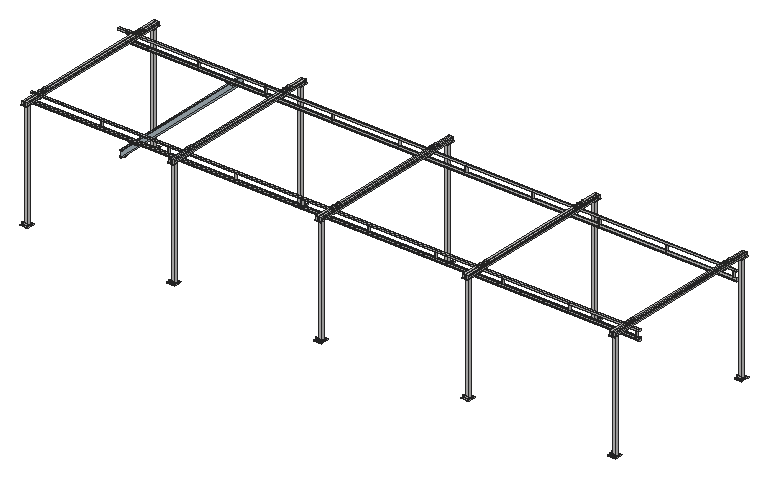
Revit family "WorkStation_Bridge_Gorbel_Steel-Track-Alum-Bridge", category Specialty Equipment, Revit 2026
Family settings
  Round Connector Dimension = Use Diameter
  Part Type = Normal
  Classification Number = 23.50.30.37.11.14
  Work Plane-Based = Yes
  Enable Cutting in Views = No
  Always vertical = No
  Cut with Voids When Loaded = No
  Maintain Annotation Orientation = No
  Shared = No
  Room Calculation Point = No
Parameters
  offset [instance] = 0' - 0"
  Warranty Duration (Years) = 0
  URL = "https://www.gorbel.com/Solutions/architectsandengineers.aspx"
  Test Data = "https://www.gorbel.com/Solutions/designstandards.aspx"
  Specification = "http://www.arcat.com/sd/clients/gorbel.html?coid=43076"
  SpecWizard = ""
  Send Message = "http://www.arcat.com/users.pl?action=UserEmail&company=Gorbel%20Inc.&coid=43076&rep=106&fax=800-828-1808&mf="
  Sales Information = "https://www.gorbel.com/About/HowToBuy.aspx"
  Runway Length = 60' - 0"
  L8 = 10' - 0"
  Revision = "R1_05-2011"
  Product Properties = "https://www.gorbel.com/Products.aspx"
  Product Data = "http://arcat.com/arcatcos/cos43/arc43076.html?isac=1&r=1"
  OAW = 16' - 4"
  OAH = 11' - 0 1/4"
  Model = "As Specified"
  Manufacturer Website = "https://www.gorbel.com/Solutions/architectsandengineers.aspx"
  Manufacturer Phone - Toll Free = "800-821-0086 "
  Manufacturer Phone = "585-924-6262 "
  Manufacturer Fax = "800-828-1808;585-924-6273"
  Manufacturer Address = "600 Fishers Run, Fishers, NY 14453\r\n"
  Manufacturer = "Gorbel Inc"
  Maintenance Schedule (Months) = 0
  L7 = 1' - 0"
  L5 = 1' - 6"
  L4 = L - (2 * L5)  # 12' - 0"
  L1 = 15' - 0"
  L = 15' - 0"
  Keynote = "14600"
  Installation-Fabrication = "https://www.gorbel.com/Media/brochures.aspx"
  Installation Phase = ""
  L6 = 0' - 7"
  L9 = 1' - 0"
  Green Building-LEED = ""
  Fixture Material = Steel
  Expected Lifespan (Years) = 0
  Drawn By = "Sumex Design, Inc. / Robert S. Weygant, CSI, CDT, SCIP"
  Description = "Gorbel"
  Default Elevation = 4' - 0"
  D+6 = D + 0' 6"  # 0' - 9"
  D = 0' - 3"
  Copyright = "©Arcat Inc."
  Construction Details = ""
  Capacity (Lbs) = 0.00 kip
  Body Material = Aluminium
  Assembly Code = "D1090300"
  Array = (Runway Length - (L9 * 2)) / L1 + 1  # 5
Reference planes (in)
  plane 1 "Center (Front/Back)": y = 0
  plane 2 "Bottom": z = 0
  plane 3 "Center (Left/Right)": x = 174
  plane 4 "Front": y = -98
  plane 5 "Back": y = 98
  plane 6 "Left": x = -186
  plane 7 "Right": x = 534
  plane 8 "Top": z = 132.25
  plane 9: y = 89
  plane 10: y = 93.5
  plane 11: y = -93.5
  plane 12: y = -89
  plane 13: x = -174
  plane 14: x = -178.5
  plane 15: x = -169.5
  plane 16: x = 522
  plane 17: x = 526.5
  plane 18: x = 517.5
  plane 19: z = 128.25
  plane 20: z = 0.5
  plane 21 "Column": z = 127.75
Dimensions and locks (in)
  "L9": plane 6 "Left" to plane 13
  "L9": plane 16 to plane 7 "Right"
  "D+6": plane 14 to plane 15
  equal spacing: plane 14, plane 13, plane 15
  equal spacing: plane 18, plane 16, plane 17
  "D+6": plane 18 to plane 17
  "Runway Length": plane 6 "Left" to plane 7 "Right"
  equal spacing: plane 5 "Back", plane 10, plane 9
  "D+6": plane 5 "Back" to plane 9
  equal spacing: plane 12, plane 11, plane 4 "Front"
  "D+6": plane 12 to plane 4 "Front"
  equal spacing: plane 5 "Back", plane 1 "Center (Front/Back)", plane 4 "Front"
  "OAW": plane 5 "Back" to plane 4 "Front"
  locked: plane 8 "Top" to plane 19 at 4
  "OAH": plane 8 "Top" to plane 2 "Bottom"
  locked: plane 20 to plane 2 "Bottom" at 0.5
  locked: plane 19 to plane 21 "Column" at 0.5
  equal spacing: group 1, group 3, group 4, group 5, group 2  (x3)
  equal spacing: plane 6 "Left", plane 3 "Center (Left/Right)", plane 7 "Right"
  aligned and locked: plane 13 to nested 1
  aligned and locked: plane 1 "Center (Front/Back)" to nested 1
  aligned and locked: nested 2 to plane 16
  aligned and locked: nested 5 to plane 1 "Center (Front/Back)"
  aligned and locked: plane 3 "Center (Left/Right)" to nested 5
  aligned and locked: nested 1 to nested 5
Nested families (in)
  nested 1: "Column" at (-174, 0, 0), type "Column"
    with offset 0' - 0", OAW 16' - 4"
  nested 2: "Column" at (522, 0, 0), type "Column"
    with offset 0' - 0", OAW 16' - 4"
  nested 3: "Column" at (0, 0, 0), type "Column"
    with offset 0' - 0", OAW 16' - 4"
  nested 4: "Column" at (174, 0, 0), type "Column"
    with offset 0' - 0", OAW 16' - 4"
  nested 5: "Aluminum Bridge  & Steel Runway" at (174, 0, 139.77627) x (0, -1, 0) z (0, 0, -1), type "Aluminum Bridge  & Steel Runway"
    with offset 0' - 0"
  nested 6: "Column" at (348, 0, 0), type "Column"
    with offset 0' - 0", OAW 16' - 4"
Definition of nested family "Column"
  Parameters
    offset [instance] = 0' - 0"
    Warranty Duration (Years) = 0
    Unit Width = 24' - 0"
    Unit Height = 2' - 8"
    Unit Depth = 10' - 0"
    URL = "https://www.gorbel.com/Solutions/architectsandengineers.aspx"
    Test Data = "https://www.gorbel.com/Solutions/designstandards.aspx"
    Specification = "http://www.arcat.com/sd/clients/gorbel.html?coid=43076"
    SpecWizard = ""
    Send Message = "http://www.arcat.com/users.pl?action=UserEmail&company=Gorbel%20Inc.&coid=43076&rep=106&fax=800-828-1808&mf="
    Sales Information = "https://www.gorbel.com/About/HowToBuy.aspx"
    Runway Length = 24' - 0"
    Revision = "R1_05-2011"
    Product Properties = "https://www.gorbel.com/Products.aspx"
    Product Data = "http://arcat.com/arcatcos/cos43/arc43076.html?isac=1&r=1"
    OAW = 15' - 0"
    OAH = 11' - 0 1/4"
    Model = "As Specified"
    Manufacturer Website = "https://www.gorbel.com/Solutions/architectsandengineers.aspx"
    Manufacturer Phone - Toll Free = "800-821-0086 "
    Manufacturer Phone = "585-924-6262 "
    Manufacturer Fax = "800-828-1808;585-924-6273"
    Manufacturer Address = "600 Fishers Run, Fishers, NY 14453\r\n"
    Manufacturer = "Gorbel Inc"
    Maintenance Schedule (Months) = 0
    L1 = 11' - 0"
    Keynote = "14600"
    Installation-Fabrication = "https://www.gorbel.com/Media/brochures.aspx"
    Installation Phase = ""
    Hang = 1' - 0"
    Green Building-LEED = ""
    Fixture Material = none
    Expected Lifespan (Years) = 0
    Drawn By = "Sumex Design, Inc. / Robert S. Weygant, CSI, CDT, SCIP"
    Description = "Gorbel"
    Default Elevation = 4' - 0"
    D+6 = D + 0' 6"  # 0' - 9"
    D = 0' - 3"
    Copyright = "©Arcat Inc."
    Construction Details = ""
    B = D < 0' 6"  # yes
    Assembly Code = "D1090300"
    A = not(D < 0' 6")  # no
  Reference planes (in)
    plane 1 "Center (Front/Back)": y = 0
    plane 2 "Bottom": z = 0
    plane 3 "Center (Left/Right)": x = 0
    plane 4 "Front": y = -90
    plane 5 "Back": y = 90
    plane 6 "Top": z = 132.25
    plane 7: y = 81
    plane 8: y = 85.5
    plane 9: y = -85.5
    plane 10: y = -81
    plane 11 "Left": x = -4.5
    plane 12 "Right": x = 4.5
    plane 13: z = 128.25
    plane 14: z = 0.5
    plane 15 "Column": z = 127.75
    plane 16: x = -2.5
    plane 17: x = 2.5
  Forms (in)
    Extrusion 1, solid, material <- "Fixture Material", visible <- "A"
      sketch origin (0, 0, -0.25819) x (1, 0, 0) y (0, 1, 0)
        loop
          line (-1.5, 87) -> (-1.5, 84) -> (1.5, 84) -> (1.5, 87) -> (-1.5, 87)
      from 0 to 128.00819
    Extrusion 2, solid, material <- "Fixture Material", visible <- "A"
      sketch origin (0, 0, -0.25819) x (1, 0, 0) y (0, 1, 0)
        loop
          line (-1.5, -87) -> (1.5, -87) -> (1.5, -84) -> (-1.5, -84) -> (-1.5, -87)
      from 0 to 128.00819
    Extrusion 3, solid, material <- "Fixture Material", visible <- "A"
      sketch origin (-78, 0, -0.25819) x (-1, 0, 0) y (0, -1, 0)
        loop
          line (-82.5, -90) -> (-73.5, -90) -> (-73.5, -81) -> (-82.5, -81) -> (-82.5, -90)
        loop
          line (-79.5, -87) -> (-76.5, -87) -> (-76.5, -84) -> (-79.5, -84) -> (-79.5, -87)
        loop
          circle (-81, -88.5) r 0.5
        loop
          circle (-75, -88.5) r 0.5
        loop
          circle (-81, -82.5) r 0.5
        loop
          circle (-75, -82.5) r 0.5
      from 0 to 0.75819
    Extrusion 4, solid, material <- "Fixture Material", visible <- "A"
      sketch origin (-78, 0, -0.25819) x (-1, 0, 0) y (0, -1, 0)
        loop
          line (-82.5, 90) -> (-82.5, 81) -> (-73.5, 81) -> (-73.5, 90) -> (-82.5, 90)
        loop
          line (-79.5, 87) -> (-79.5, 84) -> (-76.5, 84) -> (-76.5, 87) -> (-79.5, 87)
        loop
          circle (-81, 88.5) r 0.5
        loop
          circle (-75, 88.5) r 0.5
        loop
          circle (-81, 82.5) r 0.5
        loop
          circle (-75, 82.5) r 0.5
      from 0 to 0.75819
    Extrusion 5, solid, material <- "Fixture Material"
      sketch origin (0, 0, -0.25819) x (1, 0, 0) y (0, 1, 0)
        loop
          line (3.5, -90) -> (3.5, -81) -> (-3.5, -81) -> (-3.5, -90) -> (3.5, -90)
        loop
          line (3.5, 90) -> (-3.5, 90) -> (-3.5, 81) -> (3.5, 81) -> (3.5, 90)
      from 128.00819 to 128.50819
    Extrusion 6, solid, material <- "Fixture Material", visible <- "A"
      sketch origin (-4.5, 0, 0) x (0, 1, 0) y (0, 0, 1)
        loop
          line (84, 7.25) -> (81, 0.5) -> (84, 0.5) -> (84, 7.25)
      from 5.75 to 6
    Extrusion 7, solid, material <- "Fixture Material", visible <- "A"
      sketch origin (91, 84, 0) x (-1, 0, 0) y (0, 0, 1)
        loop
          line (89.5, 7.25) -> (86.5, 0.5) -> (89.5, 0.5) -> (89.5, 7.25)
      from 2.75 to 3
    Extrusion 8, solid, material <- "Fixture Material", visible <- "A"
      sketch origin (9.5, 184.5, 0) x (0, -1, 0) y (0, 0, 1)
        loop
          line (97.5, 7.25) -> (94.5, 0.5) -> (97.5, 0.5) -> (97.5, 7.25)
      from 10.75 to 11
    Extrusion 9, solid, material <- "Fixture Material", visible <- "A"
      sketch origin (-91, 84, 0) x (1, 0, 0) y (0, 0, -1)
        loop
          line (89.5, -7.25) -> (89.5, -0.5) -> (86.5, -0.5) -> (89.5, -7.25)
      from 0 to 0.25
    Extrusion 10, solid, material <- "Fixture Material", visible <- "B"
      sketch origin (0, 0, -0.25819) x (1, 0, 0) y (0, 1, 0)
        loop
          line (-4.5, -90) -> (4.5, -90) -> (4.5, -87) -> (-4.5, -87) -> (-4.5, -90)
        loop
          circle (-3, -88.5) r 0.5
        loop
          circle (3, -88.5) r 0.5
        loop
          line (-4.5, -81) -> (-4.5, -84) -> (4.5, -84) -> (4.5, -81) -> (-4.5, -81)
        loop
          circle (-3, -82.5) r 0.5
        loop
          circle (3, -82.5) r 0.5
        loop
          line (-4.5, 90) -> (-4.5, 87) -> (4.5, 87) -> (4.5, 90) -> (-4.5, 90)
        loop
          circle (-3, 88.5) r 0.5
        loop
          circle (3, 88.5) r 0.5
        loop
          line (-4.5, 81) -> (4.5, 81) -> (4.5, 84) -> (-4.5, 84) -> (-4.5, 81)
        loop
          circle (-3, 82.5) r 0.5
        loop
          circle (3, 82.5) r 0.5
      from 0 to 0.75819
    Extrusion 11, solid, material <- "Fixture Material", visible <- "B"
      sketch origin (0, 0, 0) x (0, 1, 0) y (0, 0, 1)
        loop
          line (87, 0.5) -> (87.5, 0.5) -> (87.5, 2) -> (87, 2) -> (87, 0.5)
      from -4.5 to 4.5
    Extrusion 12, solid, material <- "Fixture Material", visible <- "B"
      sketch origin (0, 171, 0) x (0, -1, 0) y (0, 0, -1)
        loop
          line (87, -0.5) -> (87, -2) -> (87.5, -2) -> (87.5, -0.5) -> (87, -0.5)
      from -4.5 to 4.5
    Extrusion 13, solid, material <- "Fixture Material", visible <- "B"
      sketch origin (0, 0, 0) x (0, -1, 0) y (0, 0, -1)
        loop
          line (87, -0.5) -> (87, -2) -> (87.5, -2) -> (87.5, -0.5) -> (87, -0.5)
      from -4.5 to 4.5
    Extrusion 14, solid, material <- "Fixture Material", visible <- "B"
      sketch origin (0, -171, 0) x (0, 1, 0) y (0, 0, 1)
        loop
          line (87, 0.5) -> (87.5, 0.5) -> (87.5, 2) -> (87, 2) -> (87, 0.5)
      from -4.5 to 4.5
    Extrusion 15, solid, material <- "Fixture Material"
      sketch origin (0, 0, -0.25819) x (1, 0, 0) y (0, 1, 0)
        loop
          line (-1.5, 87) -> (-1.5, 84) -> (1.5, 84) -> (1.5, 87) -> (-1.5, 87)
        loop
          line (-1.5, -84) -> (-1.5, -87) -> (1.5, -87) -> (1.5, -84) -> (-1.5, -84)
      from 0 to 128.00819
    Extrusion 16, solid, material <- "Fixture Material", visible <- "A"
      sketch origin (-4.5, 0, 0) x (0, -1, 0) y (0, 0, -1)
        loop
          line (84, -7.25) -> (84, -0.5) -> (81, -0.5) -> (84, -7.25)
      from 5.75 to 6
    Extrusion 17, solid, material <- "Fixture Material", visible <- "A"
      sketch origin (91, -84, 0) x (-1, 0, 0) y (0, 0, -1)
        loop
          line (89.5, -7.25) -> (89.5, -0.5) -> (86.5, -0.5) -> (89.5, -7.25)
      from 2.75 to 3
    Extrusion 18, solid, material <- "Fixture Material", visible <- "A"
      sketch origin (9.5, -184.5, 0) x (0, 1, 0) y (0, 0, -1)
        loop
          line (97.5, -7.25) -> (97.5, -0.5) -> (94.5, -0.5) -> (97.5, -7.25)
      from 10.75 to 11
    Extrusion 19, solid, material <- "Fixture Material", visible <- "A"
      sketch origin (-91, -84, 0) x (1, 0, 0) y (0, 0, 1)
        loop
          line (89.5, 7.25) -> (86.5, 0.5) -> (89.5, 0.5) -> (89.5, 7.25)
      from 0 to 0.25
    Extrusion 20, solid, material <- "Fixture Material"
      sketch origin (0, 0, 0) x (1, 0, 0) y (0, 0, 1)
        loop
          line (-2.5, 132.25) -> (-2.5, 131.25) -> (-2.14645, 130.89645) -> (-2.14645, 129.60355) -> (-2.5, 129.25) -> (-2.5, 128.25) -> (-0.5, 128.25) -> (-0.5, 132.25) -> (-2.5, 132.25)
        loop
          line (2.5, 132.25) -> (0.5, 132.25) -> (0.5, 128.25) -> (2.5, 128.25) -> (2.5, 129.25) -> (2.14645, 129.60355) -> (2.14645, 130.89645) -> (2.5, 131.25) -> (2.5, 132.25)
      from -89.5 to 89.5
    Extrusion 21, solid, material <- "Fixture Material"
      sketch origin (0, 0, 0) x (0, 1, 0) y (0, 0, 1)
        loop
          line (-90, 132.25) -> (-90, 128.25) -> (-89.5, 128.25) -> (-89.5, 132.25) -> (-90, 132.25)
        loop
          line (90, 128.25) -> (90, 132.25) -> (89.5, 132.25) -> (89.5, 128.25) -> (90, 128.25)
      from -2.5 to 2.5
  Cuts and joins
    joined: Extrusion 2, Extrusion 4
    joined: Extrusion 1, Extrusion 3
    joined: Extrusion 10, Extrusion 11, Extrusion 12, Extrusion 13, Extrusion 14
  Dimensions and locks (in)
    equal spacing: plane 5 "Back", plane 8, plane 7
    "D+6": plane 5 "Back" to plane 7
    equal spacing: plane 10, plane 9, plane 4 "Front"
    "D+6": plane 10 to plane 4 "Front"
    equal spacing: plane 5 "Back", plane 1 "Center (Front/Back)", plane 4 "Front"
    "OAW": plane 5 "Back" to plane 4 "Front"
    "D+6": plane 11 "Left" to plane 12 "Right"
    equal spacing: plane 11 "Left", plane 3 "Center (Left/Right)", plane 12 "Right"
    equal spacing: Extrusion 1 sketch curve, plane 3 "Center (Left/Right)", Extrusion 1 sketch curve
    "D": Extrusion 1 sketch curve to Extrusion 1 sketch curve  (x2)
    equal spacing: Extrusion 1 sketch curve, plane 8, Extrusion 1 sketch curve
    "D": Extrusion 2 sketch curve to Extrusion 2 sketch curve  (x2)
    locked: plane 6 "Top" to plane 13 at 4
    "OAH": plane 6 "Top" to plane 2 "Bottom"
    locked: plane 14 to plane 2 "Bottom" at 0.5
    locked: plane 13 to plane 15 "Column" at 0.5
    locked: plane 11 "Left" to Extrusion 5 sketch curve at 1  (x2)
    locked: Extrusion 5 sketch curve to plane 12 "Right" at 1  (x2)
    equal spacing: Extrusion 2 sketch curve, plane 3 "Center (Left/Right)", Extrusion 2 sketch curve
    equal spacing: Extrusion 2 sketch curve, plane 9, Extrusion 2 sketch curve
    locked: Extrusion 6 to Extrusion 6 at 0.25
    locked: Extrusion 7 to Extrusion 7 at 0.25
    locked: Extrusion 8 to Extrusion 8 at 0.25
    locked: Extrusion 9 to Extrusion 9 at 0.25
    locked: Extrusion 11 sketch curve to Extrusion 11 sketch curve at 0.5
    locked: Extrusion 12 sketch curve to Extrusion 12 sketch curve at 0.5
    locked: Extrusion 13 sketch curve to Extrusion 13 sketch curve at 0.5
    locked: Extrusion 14 sketch curve to Extrusion 14 sketch curve at 0.5
    locked: Extrusion 16 to Extrusion 16 at 0.25
    locked: Extrusion 17 to Extrusion 17 at 0.25
    locked: Extrusion 18 to Extrusion 18 at 0.25
    locked: Extrusion 19 to Extrusion 19 at 0.25
    locked: Extrusion 21 sketch curve to plane 5 "Back" at 0.5
    locked: plane 4 "Front" to Extrusion 21 sketch curve at 0.5
    locked: plane 16 to plane 11 "Left" at 2
    locked: plane 17 to plane 12 "Right" at 2
    locked: plane 16 to Extrusion 20 sketch curve at 0.35355
    locked: Extrusion 20 sketch curve to plane 17 at 0.35355
    locked: Extrusion 20 sketch curve to plane 17 at 2
    locked: plane 16 to Extrusion 20 sketch curve at 2
    aligned and locked: plane 14 to cut or joined group of Extrusion 2, Extrusion 4
    aligned and locked: plane 14 to cut or joined group of Extrusion 1, Extrusion 3
    aligned and locked: plane 15 "Column" to cut or joined group of Extrusion 2, Extrusion 4
    aligned and locked: plane 15 "Column" to cut or joined group of Extrusion 1, Extrusion 3
    aligned and locked: plane 4 "Front" to Extrusion 5 sketch curve
    aligned and locked: plane 13 to Extrusion 5
    aligned and locked: Extrusion 5 to plane 15 "Column"
    aligned and locked: Extrusion 5 sketch curve to plane 10
    aligned and locked: Extrusion 5 sketch curve to plane 7
    aligned and locked: cut or joined group of Extrusion 1, Extrusion 3 to Extrusion 3 sketch curve  (x4)
    aligned and locked: Extrusion 4 sketch curve to cut or joined group of Extrusion 2, Extrusion 4  (x4)
    aligned and locked: cut or joined group of Extrusion 1, Extrusion 3 to Extrusion 6 sketch curve  (x3)
    aligned and locked: plane 7 to Extrusion 6 sketch curve
    aligned and locked: Extrusion 6 to cut or joined group of Extrusion 1, Extrusion 3
    aligned and locked: Extrusion 7 sketch curve to cut or joined group of Extrusion 2, Extrusion 4
    aligned and locked: cut or joined group of Extrusion 2, Extrusion 4 to Extrusion 7 sketch curve
    aligned and locked: Extrusion 7 sketch curve to plane 14
    aligned and locked: Extrusion 8 to cut or joined group of Extrusion 1, Extrusion 3  (x2)
    aligned and locked: Extrusion 8 sketch curve to cut or joined group of Extrusion 1, Extrusion 3
    aligned and locked: cut or joined group of Extrusion 1, Extrusion 3 to Extrusion 8 sketch curve  (x2)
    aligned and locked: Extrusion 9 to cut or joined group of Extrusion 1, Extrusion 3  (x2)
    aligned and locked: plane 11 "Left" to Extrusion 9 sketch curve
    aligned and locked: cut or joined group of Extrusion 2, Extrusion 4 to Extrusion 9 sketch curve
    aligned and locked: Extrusion 7 to cut or joined group of Extrusion 1, Extrusion 3
    aligned and locked: cut or joined group of Extrusion 1, Extrusion 3 to Extrusion 6
    aligned and locked: cut or joined group of Extrusion 1, Extrusion 3 to Extrusion 9
    aligned and locked: Extrusion 10 sketch curve to cut or joined group of Extrusion 2, Extrusion 4  (x5)
    aligned and locked: cut or joined group of Extrusion 2, Extrusion 4 to Extrusion 10 sketch curve
    aligned and locked: plane 14 to Extrusion 10
    aligned and locked: Extrusion 11 sketch curve to cut or joined group of Extrusion 1, Extrusion 3
    aligned and locked: Extrusion 11 sketch curve to Extrusion 8
    aligned and locked: Extrusion 11 to plane 11 "Left"
    aligned and locked: Extrusion 11 to plane 12 "Right"
    aligned and locked: Extrusion 15 sketch curve to cut or joined group of Extrusion 1, Extrusion 3  (x4)
    aligned and locked: Extrusion 15 sketch curve to cut or joined group of Extrusion 2, Extrusion 4  (x4)
    aligned and locked: plane 15 "Column" to Extrusion 15
    aligned and locked: Extrusion 15 to level
    aligned and locked: Extrusion 10 to cut or joined group of Extrusion 1, Extrusion 3
    aligned and locked: cut or joined group of Extrusion 10, Extrusion 11, Extrusion 12, Extrusion 13, Extrusion 14 to Extrusion 9
    aligned and locked: cut or joined group of Extrusion 10, Extrusion 11, Extrusion 12, Extrusion 13, Extrusion 14 to Extrusion 15  (x2)
    aligned and locked: Extrusion 14 to cut or joined group of Extrusion 2, Extrusion 4
    aligned and locked: Extrusion 13 to cut or joined group of Extrusion 2, Extrusion 4
    aligned and locked: Extrusion 8 to Extrusion 15
    aligned and locked: Extrusion 15 to Extrusion 9
    aligned and locked: Extrusion 6 to Extrusion 9
    aligned and locked: Extrusion 12 to cut or joined group of Extrusion 1, Extrusion 3
    aligned and locked: cut or joined group of Extrusion 10, Extrusion 11, Extrusion 12, Extrusion 13, Extrusion 14 to plane 11 "Left"  (x3)
    aligned and locked: cut or joined group of Extrusion 10, Extrusion 11, Extrusion 12, Extrusion 13, Extrusion 14 to plane 12 "Right"  (x3)
    aligned and locked: plane 12 "Right" to cut or joined group of Extrusion 10, Extrusion 11, Extrusion 12, Extrusion 13, Extrusion 14
    aligned and locked: plane 11 "Left" to cut or joined group of Extrusion 10, Extrusion 11, Extrusion 12, Extrusion 13, Extrusion 14
    aligned and locked: Extrusion 19 to Extrusion 16
    aligned and locked: Extrusion 16 to cut or joined group of Extrusion 2, Extrusion 4
    aligned and locked: Extrusion 15 to Extrusion 16
    aligned and locked: Extrusion 15 to Extrusion 19
    aligned and locked: Extrusion 15 to Extrusion 17
    aligned and locked: Extrusion 15 to Extrusion 18
    aligned and locked: plane 5 "Back" to Extrusion 21 sketch curve
    aligned and locked: plane 4 "Front" to Extrusion 21 sketch curve
    aligned and locked: Extrusion 21 sketch curve to plane 6 "Top"  (x2)
    aligned and locked: plane 13 to Extrusion 21 sketch curve  (x2)
    aligned and locked: plane 16 to Extrusion 21
    aligned and locked: Extrusion 21 to plane 17
    aligned and locked: plane 6 "Top" to Extrusion 20 sketch curve
    aligned and locked: Extrusion 20 sketch curve to plane 6 "Top"
    aligned and locked: plane 13 to Extrusion 20 sketch curve
    aligned and locked: Extrusion 20 sketch curve to plane 13
    aligned and locked: Extrusion 20 sketch curve to Extrusion 20 sketch curve  (x2)
    aligned and locked: plane 17 to Extrusion 20 sketch curve
    aligned and locked: plane 16 to Extrusion 20 sketch curve
    aligned and locked: Extrusion 20 to Extrusion 21  (x2)
  Automatic sketch dimensions
    Extrusion 3 sketch curve to plane 7 = 0' - 0"
    Extrusion 3 sketch curve to plane 12 "Right" = 0' - 0"
    Extrusion 3 sketch curve to plane 11 "Left" = 0' - 0"
    Extrusion 3 sketch curve to plane 5 "Back" = 0' - 0"
    Extrusion 3 sketch curve to plane 12 "Right" = 0' - 1 1/2"  (x2)
    Extrusion 3 sketch curve to plane 11 "Left" = 0' - 1 1/2"  (x2)
    Extrusion 3 sketch curve to plane 7 = 0' - 1 1/2"  (x2)
    plane 5 "Back" to Extrusion 3 sketch curve = 0' - 1 1/2"  (x2)
    Extrusion 4 sketch curve to plane 10 = 0' - 0"
    Extrusion 4 sketch curve to plane 12 "Right" = 0' - 0"
    Extrusion 4 sketch curve to plane 11 "Left" = 0' - 0"
    Extrusion 4 sketch curve to plane 4 "Front" = 0' - 0"
    plane 12 "Right" to Extrusion 4 sketch curve = 0' - 1 1/2"  (x2)
    plane 11 "Left" to Extrusion 4 sketch curve = 0' - 1 1/2"  (x2)
    Extrusion 4 sketch curve to plane 10 = 0' - 1 1/2"  (x2)
    plane 4 "Front" to Extrusion 4 sketch curve = 0' - 1 1/2"  (x2)
    Extrusion 5 sketch curve to plane 5 "Back" = 0' - 0"
    Extrusion 6 sketch curve to Extrusion 6 sketch curve = 0' - 6 3/4"
    Extrusion 7 sketch curve to Extrusion 7 sketch curve = 0' - 6 3/4"
    Extrusion 8 sketch curve to Extrusion 8 sketch curve = 0' - 6 3/4"
    Extrusion 9 sketch curve to plane 14 = 0' - 0"
    Extrusion 9 sketch curve to Extrusion 9 sketch curve = 0' - 6 3/4"
    Extrusion 10 sketch curve to plane 7 = 0' - 0"
    Extrusion 10 sketch curve to plane 11 "Left" = 0' - 0"  (x3)
    Extrusion 10 sketch curve to plane 5 "Back" = 0' - 0"
    Extrusion 10 sketch curve to plane 10 = 0' - 0"
    Extrusion 10 sketch curve to plane 12 "Right" = 0' - 0"  (x3)
    plane 11 "Left" to Extrusion 10 sketch curve = 0' - 1 1/2"  (x3)
    plane 12 "Right" to Extrusion 10 sketch curve = 0' - 1 1/2"  (x3)
    Extrusion 10 sketch curve to Extrusion 10 sketch curve = 0' - 3"  (x2)
    Extrusion 10 sketch curve to plane 10 = 0' - 1 1/2"  (x2)
    plane 7 to Extrusion 10 sketch curve = 0' - 1 1/2"  (x2)
    Extrusion 10 sketch curve to Extrusion 10 sketch curve = 0' - 1 1/2"
    Extrusion 10 sketch curve to plane 5 "Back" = 0' - 1 1/2"  (x2)
    plane 14 to Extrusion 11 sketch curve = 0' - 1 1/2"
    Extrusion 12 sketch curve to plane 14 = 0' - 0"
    Extrusion 12 sketch curve to plane 7 = 0' - 3"
    Extrusion 12 sketch curve to Extrusion 12 sketch curve = 0' - 1 1/2"
    Extrusion 13 sketch curve to plane 14 = 0' - 0"
    Extrusion 13 sketch curve to plane 4 "Front" = 0' - 3"
    Extrusion 13 sketch curve to plane 14 = 0' - 1 1/2"
    Extrusion 14 sketch curve to plane 14 = 0' - 0"
    Extrusion 14 sketch curve to plane 10 = 0' - 3"
    plane 14 to Extrusion 14 sketch curve = 0' - 1 1/2"
    Extrusion 16 sketch curve to plane 10 = 0' - 0"
    Extrusion 16 sketch curve to plane 14 = 0' - 0"
    plane 10 to Extrusion 16 sketch curve = 0' - 3"
    Extrusion 16 sketch curve to Extrusion 16 sketch curve = 0' - 6 3/4"
    Extrusion 17 sketch curve to plane 12 "Right" = 0' - 0"
    Extrusion 17 sketch curve to plane 14 = 0' - 0"
    plane 12 "Right" to Extrusion 17 sketch curve = 0' - 3"
    Extrusion 17 sketch curve to Extrusion 17 sketch curve = 0' - 6 3/4"
    Extrusion 18 sketch curve to plane 4 "Front" = 0' - 0"
    Extrusion 18 sketch curve to plane 14 = 0' - 0"
    plane 4 "Front" to Extrusion 18 sketch curve = 0' - 3"
    Extrusion 18 sketch curve to Extrusion 18 sketch curve = 0' - 6 3/4"
    Extrusion 19 sketch curve to plane 11 "Left" = 0' - 0"
    Extrusion 19 sketch curve to plane 14 = 0' - 0"
    plane 11 "Left" to Extrusion 19 sketch curve = 0' - 3"
    Extrusion 19 sketch curve to Extrusion 19 sketch curve = 0' - 6 3/4"
    Extrusion 20 sketch curve to Extrusion 20 sketch curve = 0' - 1"  (x2)
    Extrusion 20 sketch curve to Extrusion 20 sketch curve = 0' - 0.35355"  (x4)
    Extrusion 20 sketch curve to Extrusion 20 sketch curve = 0' - 1.29289"  (x2)
    radius of Extrusion 3 sketch curve = 0' - 0 1/2"  (x4)
    radius of Extrusion 4 sketch curve = 0' - 0 1/2"  (x4)
    radius of Extrusion 10 sketch curve = 0' - 0 1/2"  (x6)
Definition of nested family "Aluminum Bridge  & Steel Runway"
  Parameters
    offset [instance] = 0' - 0"
    T1 = 0' - 1 1/2"
    L7 = 1' - 0"
    L1 = 15' - 0"
    L = 15' - 0"
    Warranty Duration (Years) = 0
    URL = "https://www.gorbel.com/Solutions/architectsandengineers.aspx"
    Test Data = "https://www.gorbel.com/Solutions/designstandards.aspx"
    Specification = "http://www.arcat.com/sd/clients/gorbel.html?coid=43076"
    SpecWizard = ""
    Send Message = "http://www.arcat.com/users.pl?action=UserEmail&company=Gorbel%20Inc.&coid=43076&rep=106&fax=800-828-1808&mf="
    Sales Information = "https://www.gorbel.com/About/HowToBuy.aspx"
    Revision = "R1_05-2011"
    Product Properties = "https://www.gorbel.com/Products.aspx"
    Product Data = "http://arcat.com/arcatcos/cos43/arc43076.html?isac=1&r=1"
    Model = "As Specified"
    Manufacturer Website = "https://www.gorbel.com/Solutions/architectsandengineers.aspx"
    Manufacturer Phone - Toll Free = "800-821-0086 "
    Manufacturer Phone = "585-924-6262 "
    Manufacturer Fax = "800-828-1808;585-924-6273"
    Manufacturer Address = "600 Fishers Run, Fishers, NY 14453\r\n"
    Manufacturer = "Gorbel Inc"
    Maintenance Schedule (Months) = 0
    Runway Length = 60' - 0"
    Keynote = "14600"
    Installation-Fabrication = "https://www.gorbel.com/Media/brochures.aspx"
    Installation Phase = ""
    Hanger = 1' - 0"
    H2 = 0' - 3 1/2"
    H1 = 1' - 0"
    Green Building-LEED = ""
    Runway  Bridge Moment = 10' - 0"
    Hoist Moment = 0' - 7"
    Fixture Material = none
    Expected Lifespan (Years) = 0
    Drawn By = "Sumex Design, Inc. / Robert S. Weygant, CSI, CDT, SCIP"
    Description = "Gorbel"
    Default Elevation = 4' - 0"
    Copyright = "©Arcat Inc."
    Construction Details = ""
    L4 = 12' - 0"
    Body Material = none
    Assembly Code = "D1090300"
    Array = Runway Length / L1 + 1  # 5
  Reference planes (in)
    plane 1 "Center (Front/Back)": y = 0
    plane 2 "Bottom": z = 0
    plane 3 "Center (Left/Right)": x = 0
    plane 4 "Front": y = -360
    plane 5 "Back": y = 360
    plane 6 "Left": x = -72
    plane 7 "Right": x = 72
    plane 8 "Top": z = 19.65127
    plane 9: y = 348
    plane 10: y = -348
    plane 11: x = -90
    plane 12: x = 90
  Forms (in)
    Extrusion 1, solid, material <- "Fixture Material"
      sketch origin (0, 360, 0) x (-1, 0, 0) y (0, 0, 1)
        loop
          line (71, 11.65127) -> (73, 11.65127) -> (73, 13.65127) -> (71, 13.65127) -> (71, 11.65127)
      from 0 to 12
    Extrusion 2, solid, material <- "Fixture Material"
      sketch origin (0, 360, 0) x (-1, 0, 0) y (0, 0, 1)
        loop
          line (73, 13.65127) -> (71, 13.65127) -> (71, 11.65127) -> (73, 11.65127) -> (73, 13.65127)
        loop
          line (73.125, 13.77627) -> (70.875, 13.77627) -> (70.875, 11.52627) -> (73.125, 11.52627) -> (73.125, 13.77627)
      from -1.5 to 1.5
  Dimensions and locks (in)
    equal spacing: plane 5 "Back", plane 1 "Center (Front/Back)", plane 4 "Front"
    "Runway Length": plane 5 "Back" to plane 4 "Front"
    equal spacing: plane 7 "Right", plane 3 "Center (Left/Right)", plane 6 "Left"
    "Runway  Bridge Moment": plane 5 "Back" to nested 5
    "Hanger": plane 5 "Back" to plane 9
    equal spacing: plane 12, plane 3 "Center (Left/Right)", plane 11
    "L": plane 12 to plane 11
    "L4": plane 7 "Right" to plane 6 "Left"
    "Hanger": plane 10 to plane 4 "Front"
    "Hoist Moment": nested 6 to plane 12
    nested 4 to nested 2 = 12' - 0"
    equal spacing: group 1, group 5, group 6, group 9, group 2  (x2)
    equal spacing: group 2, group 9, group 6, group 5, group 1
    equal spacing: group 3, group 7, group 8, group 10, group 4  (x2)
    equal spacing: group 4, group 10, group 8, group 7, group 3
    "L7": Extrusion 1 to plane 5 "Back"
    aligned and locked: plane 6 "Left" to nested 1
    aligned and locked: plane 5 "Back" to nested 1
    aligned and locked: plane 4 "Front" to nested 1
    aligned and locked: plane 7 "Right" to nested 3
    aligned and locked: plane 6 "Left" to nested 2
    aligned and locked: nested 5 to plane 3 "Center (Left/Right)"
    aligned and locked: plane 9 to nested 4
    aligned and locked: nested 2 to plane 9
    aligned and locked: plane 5 "Back" to nested 3
    aligned and locked: nested 6 to nested 5
    aligned and locked: plane 7 "Right" to nested 4
    aligned and locked: nested 7 to plane 10
    aligned and locked: nested 7 to plane 6 "Left"
    aligned and locked: nested 8 to plane 7 "Right"
    aligned and locked: nested 8 to plane 10
  Automatic sketch dimensions
    plane 6 "Left" to Extrusion 1 sketch curve = 0' - 1"
    Extrusion 1 sketch curve to plane 6 "Left" = 0' - 1"
    Extrusion 1 sketch curve to plane 8 "Top" = 0' - 8"
    Extrusion 1 sketch curve to Extrusion 1 sketch curve = 0' - 2"
    plane 6 "Left" to Extrusion 2 sketch curve = 0' - 1 1/8"
    Extrusion 2 sketch curve to Extrusion 2 sketch curve = 0' - 0 1/8"  (x4)
    Extrusion 2 sketch curve to plane 6 "Left" = 0' - 1"
    Extrusion 2 sketch curve to plane 8 "Top" = 0' - 8 1/8"
    Extrusion 2 sketch curve to Extrusion 2 sketch curve = 0' - 2"
  Nested families (in)
    nested 1: "Ceiling Mounted Angle" at (-72, 0, 11.65127) x (0, 1, 0) z (0, 0, 1), type "Ceiling Mounted Angle"
      with offset 0' - 0", Length 60' - 0", H2 0' - 3 1/2", H1 1' - 0"
    nested 2: "Ceiling Mounted" at (-72, 348, 0), type "Ceiling Mounted"
      with offset 0' - 0"
    nested 3: "Ceiling Mounted Angle" at (72, 0, 11.65127) x (0, 1, 0) z (0, 0, 1), type "Ceiling Mounted Angle"
      with offset 0' - 0", Length 60' - 0", H2 0' - 3 1/2", H1 1' - 0"
    nested 4: "Ceiling Mounted" at (72, 348, 0) x (-1, 0, 0) z (0, 0, 1), type "Ceiling Mounted"
      with offset 0' - 0"
    nested 5: "Ceiling Mounted Grain" at (0, 240, 22.95184) x (-1, 0, 0) z (0, 0, 1), type "Ceiling Mounted Grain"
      with offset 0' - 0"
    nested 6: "Hoist" at (83, 240, 32.20184), type "Hoist"
      with offset 0' - 0"
    nested 7: "Ceiling Mounted" at (-72, -348, 0), type "Ceiling Mounted"
      with offset 0' - 0"
    nested 8: "Ceiling Mounted" at (72, -348, 0) x (-1, 0, 0) z (0, 0, 1), type "Ceiling Mounted"
      with offset 0' - 0"
    nested 9: "Ceiling Mounted" at (-72, 174, 0), type "Ceiling Mounted"
      with offset 0' - 0"
    nested 10: "Ceiling Mounted" at (-72, 0, 0), type "Ceiling Mounted"
      with offset 0' - 0"
    nested 11: "Ceiling Mounted" at (72, 174, 0) x (-1, 0, 0) z (0, 0, 1), type "Ceiling Mounted"
      with offset 0' - 0"
    nested 12: "Ceiling Mounted" at (72, 0, 0) x (-1, 0, 0) z (0, 0, 1), type "Ceiling Mounted"
      with offset 0' - 0"
    nested 13: "Ceiling Mounted" at (-72, -174, 0), type "Ceiling Mounted"
      with offset 0' - 0"
    nested 14: "Ceiling Mounted" at (72, -174, 0) x (-1, 0, 0) z (0, 0, 1), type "Ceiling Mounted"
      with offset 0' - 0"
  Definition of nested family "Ceiling Mounted Angle"
    Parameters
      offset [instance] = 0' - 0"
      Warranty Duration (Years) = 0
      URL = "https://www.gorbel.com/Solutions/architectsandengineers.aspx"
      Test Data = "https://www.gorbel.com/Solutions/designstandards.aspx"
      Specification = "http://www.arcat.com/sd/clients/gorbel.html?coid=43076"
      SpecWizard = ""
      Send Message = "http://www.arcat.com/users.pl?action=UserEmail&company=Gorbel%20Inc.&coid=43076&rep=106&fax=800-828-1808&mf="
      Sales Information = "https://www.gorbel.com/About/HowToBuy.aspx"
      Revision = "R1_05-2011"
      Product Properties = "https://www.gorbel.com/Products.aspx"
      Product Data = "http://arcat.com/arcatcos/cos43/arc43076.html?isac=1&r=1"
      Model = "As Specified"
      Manufacturer Website = "https://www.gorbel.com/Solutions/architectsandengineers.aspx"
      Manufacturer Phone - Toll Free = "800-821-0086 "
      Manufacturer Phone = "585-924-6262 "
      Manufacturer Fax = "800-828-1808;585-924-6273"
      Manufacturer Address = "600 Fishers Run, Fishers, NY 14453\r\n"
      Manufacturer = "Gorbel Inc"
      Maintenance Schedule (Months) = 0
      Length = 11' - 6"
      Keynote = "14600"
      Installation-Fabrication = "https://www.gorbel.com/Media/brochures.aspx"
      Installation Phase = ""
      H2 = 0' - 2"
      H1 = 0' - 8"
      Green Building-LEED = ""
      Fixture Material = none
      Expected Lifespan (Years) = 0
      Drawn By = "Sumex Design, Inc. / Robert S. Weygant, CSI, CDT, SCIP"
      Description = "Gorbel"
      Default Elevation = 4' - 0"
      Copyright = "©Arcat Inc."
      Construction Details = ""
      Assembly Code = "D1090300"
    Reference planes (in)
      plane 1 "Center (Front/Back)": y = 0
      plane 2 "Bottom": z = 0
      plane 3 "Center (Left/Right)": x = 0
      plane 4 "Front": y = -1
      plane 5 "Back": y = 1
      plane 6 "Left": x = -69
      plane 7 "Right": x = 69
      plane 8 "Top": z = 8
      plane 9: x = -65
      plane 10: x = -50.55556
      plane 11: x = 65
      plane 12: x = -36.11111
      plane 13: x = -21.66667
      plane 14: x = -7.22222
      plane 15: x = 7.22222
      plane 16: x = 21.66667
      plane 17: x = 36.11111
      plane 18: x = 50.55556
      plane 19: x = -51.05556
      plane 20: x = -50.05556
      plane 21: x = -36.61111
      plane 22: x = -35.61111
      plane 23: x = -22.16667
      plane 24: x = -21.16667
      plane 25: x = -7.72222
      plane 26: x = -6.72222
      plane 27: x = 6.72222
      plane 28: x = 7.72222
      plane 29: x = 21.16667
      plane 30: x = 22.16667
      plane 31: x = 35.61111
      plane 32: x = 36.61111
      plane 33: x = 50.05556
      plane 34: x = 51.05556
      plane 35: z = 6
    Forms (in)
      Extrusion 1, solid, material <- "Fixture Material"
        sketch origin (0, 0, 0) x (0, 1, 0) y (0, 0, 1)
          loop
            line (1, 0) -> (1, 2) -> (-1, 2) -> (-1, 0) -> (1, 0)
          loop
            line (1, 6) -> (1, 7) -> (0.88103, 8) -> (0.25, 8) -> (0.25, 7.875) -> (0.77002, 7.875) -> (0.875, 6.99259) -> (0.875, 6.125) -> (-0.875, 6.125) -> (-0.875, 6.99259) -> (-0.77002, 7.875) -> (-0.25, 7.875) -> (-0.25, 8) -> (-0.88103, 8) -> (-1, 7) -> (-1, 6) -> (1, 6)
        from -69 to 69
      Extrusion 2, solid, material <- "Fixture Material"
        sketch origin (0, 0, 0) x (1, 0, 0) y (0, 0, 1)
          loop
            line (-51.05556, 6) -> (-51.05556, 2) -> (-50.05556, 2) -> (-50.05556, 6) -> (-51.05556, 6)
          loop
            line (-36.61111, 6) -> (-36.61111, 2) -> (-35.61111, 2) -> (-35.61111, 6) -> (-36.61111, 6)
          loop
            line (-22.16667, 6.125) -> (-22.16667, 2) -> (-21.16667, 2) -> (-21.16667, 6.125) -> (-22.16667, 6.125)
          loop
            line (-7.72222, 6) -> (-7.72222, 2) -> (-6.72222, 2) -> (-6.72222, 6) -> (-7.72222, 6)
          loop
            line (6.72222, 6) -> (6.72222, 2) -> (7.72222, 2) -> (7.72222, 6) -> (6.72222, 6)
          loop
            line (21.16667, 6) -> (21.16667, 2) -> (22.16667, 2) -> (22.16667, 6) -> (21.16667, 6)
          loop
            line (35.61111, 6) -> (35.61111, 2) -> (36.61111, 2) -> (36.61111, 6) -> (35.61111, 6)
          loop
            line (50.05556, 6) -> (50.05556, 2) -> (51.05556, 2) -> (51.05556, 6) -> (50.05556, 6)
          loop
            line (65, 6) -> (65, 2) -> (66, 2) -> (66, 6) -> (65, 6)
          loop
            line (-65, 6) -> (-66, 6) -> (-66, 2) -> (-65, 2) -> (-65, 6)
        from -1 to 1
    Dimensions and locks (in)
      equal spacing: plane 6 "Left", plane 3 "Center (Left/Right)", plane 7 "Right"
      "Length": plane 6 "Left" to plane 7 "Right"
      equal spacing: plane 5 "Back", plane 1 "Center (Front/Back)", plane 4 "Front"
      locked: plane 5 "Back" to plane 4 "Front" at 2
      "H1": plane 8 "Top" to level
      plane 9 to plane 6 "Left" = 0' - 4"
      locked: plane 11 to plane 7 "Right" at 4
      equal spacing: plane 11, plane 18, plane 17, plane 16, plane 15, plane 14, plane 13, plane 12, plane 10, plane 9
      locked: plane 20 to plane 19 at 1
      equal spacing: plane 20, plane 10, plane 19
      locked: plane 22 to plane 21 at 1
      equal spacing: plane 22, plane 12, plane 21
      locked: plane 24 to plane 23 at 1
      equal spacing: plane 24, plane 13, plane 23
      locked: plane 26 to plane 25 at 1
      equal spacing: plane 26, plane 14, plane 25
      locked: plane 28 to plane 27 at 1
      equal spacing: plane 28, plane 15, plane 27
      locked: plane 30 to plane 29 at 1
      equal spacing: plane 30, plane 16, plane 29
      locked: plane 32 to plane 31 at 1
      equal spacing: plane 32, plane 17, plane 31
      locked: plane 34 to plane 33 at 1
      equal spacing: plane 34, plane 18, plane 33
      locked: Extrusion 2 sketch curve to plane 11 at 1
      locked: plane 9 to Extrusion 2 sketch curve at 1
      "H2": plane 8 "Top" to plane 35
      angle Extrusion 1 sketch curve to Extrusion 1 sketch curve = 173.216°  (x2)
      aligned and locked: Extrusion 1 to plane 6 "Left"
      aligned and locked: plane 7 "Right" to Extrusion 1
      aligned and locked: plane 8 "Top" to Extrusion 1
      aligned and locked: plane 19 to Extrusion 2 sketch curve
      aligned and locked: Extrusion 1 to Extrusion 2 sketch curve  (x7)
      aligned and locked: Extrusion 2 sketch curve to Extrusion 1  (x9)
      aligned and locked: plane 20 to Extrusion 2 sketch curve
      aligned and locked: plane 21 to Extrusion 2 sketch curve
      aligned and locked: plane 22 to Extrusion 2 sketch curve
      aligned and locked: plane 23 to Extrusion 2 sketch curve
      aligned and locked: plane 24 to Extrusion 2 sketch curve
      aligned and locked: plane 25 to Extrusion 2 sketch curve
      aligned and locked: plane 26 to Extrusion 2 sketch curve
      aligned and locked: plane 27 to Extrusion 2 sketch curve
      aligned and locked: plane 28 to Extrusion 2 sketch curve
      aligned and locked: plane 29 to Extrusion 2 sketch curve
      aligned and locked: plane 30 to Extrusion 2 sketch curve
      aligned and locked: plane 31 to Extrusion 2 sketch curve
      aligned and locked: plane 32 to Extrusion 2 sketch curve
      aligned and locked: plane 33 to Extrusion 2 sketch curve
      aligned and locked: plane 34 to Extrusion 2 sketch curve
      aligned and locked: Extrusion 2 to plane 5 "Back"
      aligned and locked: Extrusion 2 to plane 4 "Front"
      aligned and locked: plane 11 to Extrusion 2 sketch curve
      aligned and locked: Extrusion 2 sketch curve to plane 9
      aligned and locked: Extrusion 1 sketch curve to plane 35
      aligned and locked: plane 8 "Top" to Extrusion 1 sketch curve
      aligned and locked: Extrusion 1 sketch curve to plane 8 "Top"
      aligned and locked: plane 35 to Extrusion 2  (x2)
    Automatic sketch dimensions
      Extrusion 1 sketch curve to level = 0' - 0"
      Extrusion 1 sketch curve to plane 4 "Front" = 0' - 0"  (x2)
      Extrusion 1 sketch curve to plane 5 "Back" = 0' - 0"  (x2)
      plane 4 "Front" to Extrusion 1 sketch curve = 0' - 0.11897"
      plane 4 "Front" to Extrusion 1 sketch curve = 0' - 0 1/8"
      Extrusion 1 sketch curve to Extrusion 1 sketch curve = 0' - 0.11101"
      plane 1 "Center (Front/Back)" to Extrusion 1 sketch curve = 0' - 0 1/4"
      Extrusion 1 sketch curve to plane 1 "Center (Front/Back)" = 0' - 0 1/4"
      Extrusion 1 sketch curve to plane 5 "Back" = 0' - 0.22998"
      Extrusion 1 sketch curve to plane 5 "Back" = 0' - 0 1/8"
      Extrusion 1 sketch curve to plane 5 "Back" = 0' - 0.11897"
      level to Extrusion 1 sketch curve = 0' - 2"
      Extrusion 1 sketch curve to Extrusion 1 sketch curve = 0' - 0 1/8"
      Extrusion 1 sketch curve to Extrusion 1 sketch curve = 0' - 0.00741"  (x2)
      Extrusion 1 sketch curve to plane 8 "Top" = 0' - 0 1/8"  (x2)
      level to Extrusion 2 sketch curve = 0' - 2"  (x2)
      Extrusion 2 sketch curve to plane 8 "Top" = 0' - 2"  (x2)
  Definition of nested family "Ceiling Mounted"
    Parameters
      offset [instance] = 0' - 0"
      Warranty Duration (Years) = 0
      URL = "https://www.gorbel.com/Solutions/architectsandengineers.aspx"
      Test Data = "https://www.gorbel.com/Solutions/designstandards.aspx"
      Specification = "http://www.arcat.com/sd/clients/gorbel.html?coid=43076"
      SpecWizard = ""
      Send Message = "http://www.arcat.com/users.pl?action=UserEmail&company=Gorbel%20Inc.&coid=43076&rep=106&fax=800-828-1808&mf="
      Sales Information = "https://www.gorbel.com/About/HowToBuy.aspx"
      Revision = "R1_05-2011"
      Product Properties = "https://www.gorbel.com/Products.aspx"
      Product Data = "http://arcat.com/arcatcos/cos43/arc43076.html?isac=1&r=1"
      Model = "As Specified"
      Manufacturer Website = "https://www.gorbel.com/Solutions/architectsandengineers.aspx"
      Manufacturer Phone - Toll Free = "800-821-0086 "
      Manufacturer Phone = "585-924-6262 "
      Manufacturer Fax = "800-828-1808;585-924-6273"
      Manufacturer Address = "600 Fishers Run, Fishers, NY 14453\r\n"
      Manufacturer = "Gorbel Inc"
      Maintenance Schedule (Months) = 0
      Keynote = "14600"
      Installation-Fabrication = "https://www.gorbel.com/Media/brochures.aspx"
      Installation Phase = ""
      Green Building-LEED = ""
      Fixture Material = none
      Expected Lifespan (Years) = 0
      Drawn By = "Sumex Design, Inc. / Robert S. Weygant, CSI, CDT, SCIP"
      Description = "Gorbel"
      Default Elevation = 4' - 0"
      Copyright = "©Arcat Inc."
      Construction Details = ""
      Assembly Code = "D1090300"
    Reference planes (in)
      plane 1 "Center (Front/Back)": y = 0
      plane 2 "Bottom": z = 0
      plane 3 "Center (Left/Right)": x = 0
      plane 4 "Front": y = -1
      plane 5 "Back": y = 1
      plane 6 "Left": x = -4
      plane 7 "Right": x = 4
      plane 8 "Top": z = 32
      plane 9: z = 13.65127
      plane 10: z = 7.52627
    Forms (in)
      Extrusion 1, solid, material <- "Fixture Material"
        sketch origin (0, 0, 0) x (1, 0, 0) y (0, 0, 1)
          loop
            line (-4, 13.90127) -> (-4, 13.65127) -> (4, 13.65127) -> (4, 13.90127) -> (-4, 13.90127)
        from -1 to 1
      Extrusion 2, solid, material <- "Fixture Material"
        sketch origin (0, 0, 0) x (1, 0, 0) y (0, 1, 0)
          loop
            circle (-3.5, 0) r 0.36012
          loop
            circle (3.5, 0) r 0.36012
        from 5.00673 to 14.21355
      Extrusion 3, solid, material <- "Fixture Material"
        sketch origin (0, 0, 0) x (1, 0, 0) y (0, 1, 0)
          loop
            line (-6, 2.5) -> (-6, -2.5) -> (-1, -2.5) -> (-1, 2.5) -> (-6, 2.5)
          loop
            line (6, 2.5) -> (1, 2.5) -> (1, -2.5) -> (6, -2.5) -> (6, 2.5)
        from 7.27627 to 7.52627
      Extrusion 4, solid, material <- "Fixture Material"
        sketch origin (0, 0, 0) x (1, 0, 0) y (0, 1, 0)
          loop
            line (-2.25, 0.72169) -> (-3.5, 1.44338) -> (-4.75, 0.72169) -> (-4.75, -0.72169) -> (-3.5, -1.44338) -> (-2.25, -0.72169) -> (-2.25, 0.72169)
          loop
            circle (-3.5, 0) r 0.36012
          loop
            line (2.25, 0.72169) -> (2.25, -0.72169) -> (3.5, -1.44338) -> (4.75, -0.72169) -> (4.75, 0.72169) -> (3.5, 1.44338) -> (2.25, 0.72169)
          loop
            circle (3.5, 0) r 0.36012
        from 6.40821 to 7.27627
    Dimensions and locks (in)
      equal spacing: plane 6 "Left", plane 3 "Center (Left/Right)", plane 7 "Right"
      plane 6 "Left" to plane 7 "Right" = 0' - 8"
      equal spacing: plane 5 "Back", plane 1 "Center (Front/Back)", plane 4 "Front"
      locked: plane 5 "Back" to plane 4 "Front" at 2
      locked: plane 8 "Top" to level at 32
      Extrusion 1 to Extrusion 2 = 0' - 8 165/256"
      locked: Extrusion 3 to Extrusion 3 at 0.25
      locked: Extrusion 3 sketch curve to Extrusion 3 sketch curve at 5  (x2)
      Extrusion 3 sketch curve to plane 1 "Center (Front/Back)" = 0' - 2 1/2"  (x2)
      aligned and locked: plane 5 "Back" to Extrusion 1
      aligned and locked: Extrusion 1 to plane 4 "Front"
      aligned and locked: Extrusion 3 to plane 10
      aligned and locked: Extrusion 4 to Extrusion 3
      aligned and locked: Extrusion 1 to plane 6 "Left"
      aligned and locked: plane 7 "Right" to Extrusion 1
    Automatic sketch dimensions
      plane 7 "Right" to Extrusion 1 sketch curve = 0' - 0"
      Extrusion 1 sketch curve to Extrusion 1 sketch curve = 0' - 0 1/4"
      Extrusion 1 sketch curve to plane 6 "Left" = 0' - 0"
      level to Extrusion 1 sketch curve = 1' - 1.65127"
      Extrusion 3 sketch curve to plane 6 "Left" = 0' - 2"
      Extrusion 3 sketch curve to plane 3 "Center (Left/Right)" = 0' - 1"
      plane 3 "Center (Left/Right)" to Extrusion 3 sketch curve = 0' - 1"
      plane 7 "Right" to Extrusion 3 sketch curve = 0' - 2"
      Extrusion 2 sketch curve to plane 1 "Center (Front/Back)" = 0' - 0"  (x2)
      plane 6 "Left" to Extrusion 2 sketch curve = 0' - 0 1/2"
      Extrusion 2 sketch curve to plane 7 "Right" = 0' - 0 1/2"
      Extrusion 4 sketch curve to plane 1 "Center (Front/Back)" = 0' - 0"  (x2)
      plane 4 "Front" to Extrusion 4 sketch curve = 0' - 0.27831"  (x4)
      Extrusion 4 sketch curve to plane 6 "Left" = 0' - 0 3/4"
      plane 6 "Left" to Extrusion 4 sketch curve = 0' - 0 1/2"  (x3)
      Extrusion 4 sketch curve to Extrusion 4 sketch curve = 0' - 1 1/4"
      Extrusion 4 sketch curve to plane 5 "Back" = 0' - 0.27831"  (x4)
      Extrusion 4 sketch curve to plane 7 "Right" = 0' - 1 3/4"
      Extrusion 4 sketch curve to plane 7 "Right" = 0' - 0 1/2"  (x3)
      plane 7 "Right" to Extrusion 4 sketch curve = 0' - 0 3/4"
      Extrusion 4 sketch curve to plane 4 "Front" = 0' - 0.44338"  (x2)
      plane 5 "Back" to Extrusion 4 sketch curve = 0' - 0.44338"  (x2)
      radius of Extrusion 2 sketch curve = 0' - 0.36012"  (x2)
      radius of Extrusion 4 sketch curve = 0' - 0.36012"  (x2)
  Definition of nested family "Ceiling Mounted Grain"
    Parameters
      offset [instance] = 0' - 0"
      Bridge Length = 15' - 0"
      Warranty Duration (Years) = 0
      URL = "https://www.gorbel.com/Solutions/architectsandengineers.aspx"
      Test Data = "https://www.gorbel.com/Solutions/designstandards.aspx"
      Specification = "http://www.arcat.com/sd/clients/gorbel.html?coid=43076"
      SpecWizard = ""
      Send Message = "http://www.arcat.com/users.pl?action=UserEmail&company=Gorbel%20Inc.&coid=43076&rep=106&fax=800-828-1808&mf="
      Sales Information = "https://www.gorbel.com/About/HowToBuy.aspx"
      Revision = "R1_05-2011"
      Product Properties = "https://www.gorbel.com/Products.aspx"
      Product Data = "http://arcat.com/arcatcos/cos43/arc43076.html?isac=1&r=1"
      Model = "As Specified"
      Manufacturer Website = "https://www.gorbel.com/Solutions/architectsandengineers.aspx"
      Manufacturer Phone - Toll Free = "800-821-0086 "
      Manufacturer Phone = "585-924-6262 "
      Manufacturer Fax = "800-828-1808;585-924-6273"
      Manufacturer Address = "600 Fishers Run, Fishers, NY 14453\r\n"
      Manufacturer = "Gorbel Inc"
      Maintenance Schedule (Months) = 0
      L4 = 12' - 0"
      Keynote = "14600"
      Installation-Fabrication = "https://www.gorbel.com/Media/brochures.aspx"
      Installation Phase = ""
      Green Building-LEED = ""
      Fixture Material = none
      Expected Lifespan (Years) = 0
      Drawn By = "Sumex Design, Inc. / Robert S. Weygant, CSI, CDT, SCIP"
      Description = "Gorbel"
      Default Elevation = 4' - 0"
      Copyright = "©Arcat Inc."
      Construction Details = ""
      Assembly Code = "D1090300"
    Reference planes (in)
      plane 1 "Center (Front/Back)": y = 0
      plane 2 "Bottom": z = 0.25
      plane 3 "Center (Left/Right)": x = 0
      plane 4 "Front": y = -16
      plane 5 "Back": y = 16
      plane 6 "Left": x = -72
      plane 7 "Right": x = 72
      plane 8 "Top": z = 9.25
      plane 9: x = -90
      plane 10: x = 90
      plane 11: z = 2.26912
      plane 12: z = 1.25
    Forms (in)
      Extrusion 1, solid, material <- "Fixture Material"
        sketch origin (0, -0.961, 0) x (1, 0, 0) y (0, 0, 1)
          loop
            line (71.75, 0.69604) -> (71.75, 0.57104) -> (71.51541, 0.57104) -> (71.51541, 0.25) -> (72.48459, 0.25) -> (72.48459, 0.57104) -> (72.25, 0.57104) -> (72.25, 0.69604) -> (71.75, 0.69604)
        from -1.211 to -0.711
      Extrusion 2, solid, material <- "Fixture Material"
        sketch origin (-0.20273, 0, 0) x (0, 1, 0) y (0, 0, 1)
          loop
            line (4, 0.69942) -> (4, 1.25) -> (3.43927, 2.26912) -> (0.0625, 2.26912) -> (0.0625, 1.375) -> (1, 1.375) -> (1, 1.25) -> (-1, 1.25) -> (-1, 1.375) -> (-0.0625, 1.375) -> (-0.0625, 2.26912) -> (-3.43927, 2.26912) -> (-4, 1.25) -> (-4, 0.69942) -> (4, 0.69942)
        from 71.20273 to 73.20273
      Extrusion 3, void
        sketch origin (0, 0, 0) x (1, 0, 0) y (0, 0, 1)
          loop
            line (71.25, 0.94942) -> (72.75, 0.94942) -> (72.75, 6.68031) -> (71.25, 6.68031) -> (71.25, 0.94942)
        from -4 to 4
      Extrusion 4, solid, material <- "Fixture Material"
        sketch origin (0, -0.961, 0) x (-1, 0, 0) y (0, 0, -1)
          loop
            line (71.75, -0.69604) -> (72.25, -0.69604) -> (72.25, -0.57104) -> (72.48459, -0.57104) -> (72.48459, -0.25) -> (71.51541, -0.25) -> (71.51541, -0.57104) -> (71.75, -0.57104) -> (71.75, -0.69604)
        from -1.211 to -0.711
      Extrusion 5, solid, material <- "Fixture Material"
        sketch origin (0.20273, 0, 0) x (0, 1, 0) y (0, 0, -1)
          loop
            line (4, -0.69942) -> (-4, -0.69942) -> (-4, -1.25) -> (-3.43927, -2.26912) -> (-0.0625, -2.26912) -> (-0.0625, -1.375) -> (-1, -1.375) -> (-1, -1.25) -> (1, -1.25) -> (1, -1.375) -> (0.0625, -1.375) -> (0.0625, -2.26912) -> (3.43927, -2.26912) -> (4, -1.25) -> (4, -0.69942)
        from 71.20273 to 73.20273
      Extrusion 6, void
        sketch origin (0, 0, 0) x (-1, 0, 0) y (0, 0, -1)
          loop
            line (71.25, -0.94942) -> (71.25, -6.68031) -> (72.75, -6.68031) -> (72.75, -0.94942) -> (71.25, -0.94942)
        from -4.63918 to 4
      Extrusion 7, solid, material <- "Fixture Material"
        sketch origin (0, 0, 0) x (0, 1, 0) y (0, 0, 1)
          loop
            line (0.88103, 9.25) -> (0.25, 9.25) -> (0.25, 9.125) -> (0.77002, 9.125) -> (0.93602, 8.125) -> (-0.93602, 8.125) -> (-0.77002, 9.125) -> (-0.25, 9.125) -> (-0.25, 9.25) -> (-0.88103, 9.25) -> (-1.07931, 8) -> (-0.0625, 8) -> (-0.0625, 1.375) -> (-1, 1.375) -> (-1, 1.25) -> (1, 1.25) -> (1, 1.375) -> (0.0625, 1.375) -> (0.0625, 8) -> (1.07931, 8) -> (0.88103, 9.25)
        from -90 to 90
    Cuts and joins
      Extrusion 3, Extrusion 6 cuts Extrusion 2
      Extrusion 6 cuts Extrusion 5
    Dimensions and locks (in)
      locked: Extrusion 1 to Extrusion 1 at 0.5
      Extrusion 2 sketch curve to Extrusion 2 sketch curve = 0' - 8"
      locked: Extrusion 2 to Extrusion 2 at 2
      equal spacing: Extrusion 2, plane 7 "Right", Extrusion 2
      locked: Extrusion 4 to Extrusion 4 at 0.5
      Extrusion 5 sketch curve to Extrusion 5 sketch curve = 0' - 8"
      locked: Extrusion 5 to Extrusion 5 at 2
      equal spacing: Extrusion 5, plane 6 "Left", Extrusion 5
      "Bridge Length": plane 9 to plane 10
      "L4": plane 7 "Right" to plane 6 "Left"
      plane 6 "Left" to plane 9 = 1' - 6"
      plane 7 "Right" to plane 10 = 1' - 6"
      equal spacing: plane 7 "Right", plane 3 "Center (Left/Right)", plane 6 "Left"
      equal spacing: plane 10, plane 3 "Center (Left/Right)", plane 9
      locked: plane 12 to plane 2 "Bottom" at 1
      locked: plane 8 "Top" to plane 12 at 8
      aligned and locked: Extrusion 3 to Extrusion 2
      aligned and locked: Extrusion 2 to Extrusion 3
      aligned and locked: Extrusion 5 to Extrusion 6
      aligned and locked: Extrusion 7 to plane 9
      aligned and locked: level to plane 2 "Bottom"
      aligned and locked: Extrusion 7 to plane 10
      aligned and locked: Extrusion 7 sketch curve to plane 12
      aligned and locked: plane 12 to Extrusion 5 sketch curve
      aligned and locked: plane 12 to Extrusion 2 sketch curve
      aligned and locked: plane 8 "Top" to Extrusion 7
      aligned and locked: Extrusion 7 sketch curve to plane 8 "Top"
      aligned and locked: plane 8 "Top" to Extrusion 7 sketch curve
      aligned and locked: plane 11 to Extrusion 2 sketch curve
      aligned and locked: Extrusion 2 sketch curve to plane 11
      aligned and locked: plane 11 to Extrusion 5 sketch curve
      aligned and locked: Extrusion 5 sketch curve to plane 11
      aligned and locked: plane 9 to Extrusion 7
      aligned and locked: plane 10 to Extrusion 7
    Automatic sketch dimensions
      Extrusion 1 sketch curve to level = 0' - 0"
      Extrusion 1 sketch curve to plane 7 "Right" = 0' - 0.48459"
      Extrusion 1 sketch curve to Extrusion 1 sketch curve = 0' - 0.23459"  (x2)
      plane 7 "Right" to Extrusion 1 sketch curve = 0' - 0 1/4"
      level to Extrusion 1 sketch curve = 0' - 0.32104"  (x2)
      Extrusion 1 sketch curve to Extrusion 1 sketch curve = 0' - 0 1/8"
      Extrusion 3 sketch curve to plane 7 "Right" = 0' - 0 3/4"
      plane 7 "Right" to Extrusion 3 sketch curve = 0' - 0 3/4"
      level to Extrusion 3 sketch curve = 0' - 0.69942"
      Extrusion 4 sketch curve to level = 0' - 0"
      plane 6 "Left" to Extrusion 4 sketch curve = 0' - 0.48459"
      Extrusion 4 sketch curve to Extrusion 4 sketch curve = 0' - 0.23459"  (x2)
      Extrusion 4 sketch curve to plane 6 "Left" = 0' - 0 1/4"
      level to Extrusion 4 sketch curve = 0' - 0.32104"
      Extrusion 4 sketch curve to Extrusion 4 sketch curve = 0' - 0.32104"
      Extrusion 4 sketch curve to Extrusion 4 sketch curve = 0' - 0 1/8"
      Extrusion 6 sketch curve to plane 6 "Left" = 0' - 0 3/4"
      plane 6 "Left" to Extrusion 6 sketch curve = 0' - 0 3/4"
      Extrusion 6 sketch curve to level = 0' - 0.69942"
      level to Extrusion 5 sketch curve = 0' - 0.44942"
      plane 1 "Center (Front/Back)" to Extrusion 5 sketch curve = 0' - 4"
      Extrusion 5 sketch curve to Extrusion 5 sketch curve = 0' - 0.56073"  (x2)
      plane 1 "Center (Front/Back)" to Extrusion 5 sketch curve = 0' - 1"
      Extrusion 5 sketch curve to plane 1 "Center (Front/Back)" = 0' - 1"
      Extrusion 5 sketch curve to Extrusion 5 sketch curve = 0' - 3.37677"
      Extrusion 5 sketch curve to plane 11 = 0' - 1.01912"  (x2)
      level to Extrusion 2 sketch curve = 0' - 0.44942"
      plane 1 "Center (Front/Back)" to Extrusion 2 sketch curve = 0' - 4"
      Extrusion 2 sketch curve to Extrusion 2 sketch curve = 0' - 0.56073"  (x2)
      Extrusion 2 sketch curve to Extrusion 2 sketch curve = 0' - 3.37677"
      Extrusion 2 sketch curve to plane 11 = 0' - 1.01912"  (x2)
      plane 1 "Center (Front/Back)" to Extrusion 7 sketch curve = 0' - 0 1/16"
      plane 1 "Center (Front/Back)" to Extrusion 7 sketch curve = 0' - 0 1/4"
      Extrusion 7 sketch curve to Extrusion 7 sketch curve = 0' - 0.52002"  (x2)
      plane 12 to Extrusion 7 sketch curve = 0' - 0 1/8"  (x2)
      Extrusion 7 sketch curve to Extrusion 7 sketch curve = 0' - 0 15/16"  (x2)
      Extrusion 7 sketch curve to Extrusion 7 sketch curve = 0' - 0.11101"  (x2)
      Extrusion 7 sketch curve to Extrusion 7 sketch curve = 0' - 0.87352"  (x2)
      Extrusion 7 sketch curve to Extrusion 7 sketch curve = 0' - 0.14329"  (x2)
      Extrusion 7 sketch curve to plane 1 "Center (Front/Back)" = 0' - 0 1/16"
      Extrusion 7 sketch curve to Extrusion 7 sketch curve = 0' - 0"  (x2)
      Extrusion 7 sketch curve to Extrusion 7 sketch curve = 0' - 0 1/8"  (x2)
      Extrusion 7 sketch curve to Extrusion 7 sketch curve = 0' - 1"
      Extrusion 7 sketch curve to plane 1 "Center (Front/Back)" = 0' - 0 1/4"
      plane 11 to Extrusion 3 sketch curve = 0' - 4.41119"
      Extrusion 6 sketch curve to plane 11 = 0' - 4.41119"
      Extrusion 5 sketch curve to plane 1 "Center (Front/Back)" = 0' - 0 1/16"
      plane 1 "Center (Front/Back)" to Extrusion 5 sketch curve = 0' - 0 1/16"
      Extrusion 5 sketch curve to Extrusion 5 sketch curve = 0' - 0"
      plane 12 to Extrusion 5 sketch curve = 0' - 0 1/8"
      Extrusion 2 sketch curve to plane 1 "Center (Front/Back)" = 0' - 0 1/16"
      plane 12 to Extrusion 2 sketch curve = 0' - 0 1/8"
      plane 1 "Center (Front/Back)" to Extrusion 2 sketch curve = 0' - 0 1/16"
